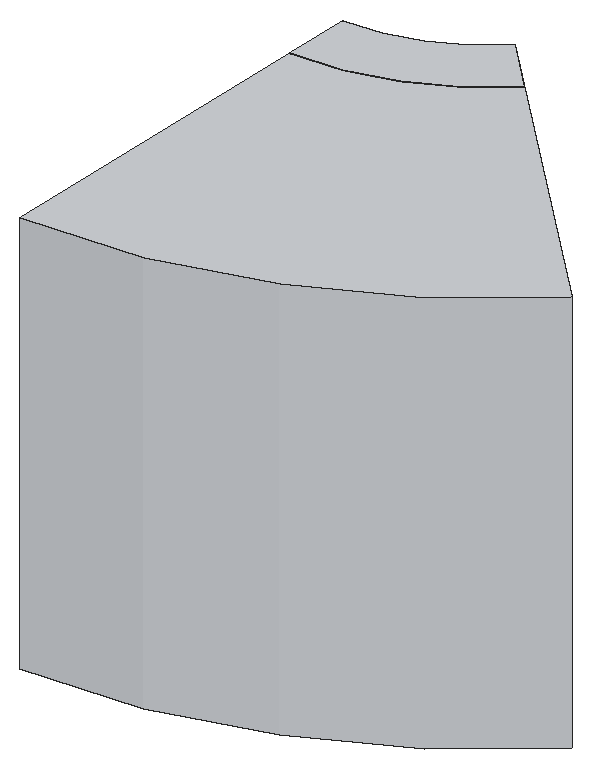
Revit family "5a307b923792497da0d2e97f9b9640eb", category Duct Fittings, Revit 2021
Family settings
  Round Connector Dimension = Use Diameter
  Part Type = Elbow
  OmniClass Number = 23.75.70.14
  OmniClass Title = Air Ductwork
  Seek Item ID = Rectangular Elbow - Mitered - Splitter Vanes-0000-USA-ENU
  Work Plane-Based = No
  Always vertical = Yes
  Cut with Voids When Loaded = No
  Shared = No
Parameters (values of type "1 Splitter Vanes")
  Throat Radius [instance] = Center Radius - 0.5 * Duct Width  # 5.4"
  Splitter Vane Width 3 [instance] = Splitter Vane Radius 3 - Throat Radius  # 8.43735"
  Splitter Vane Width 2 [instance] = Splitter Vane Radius 2 - Throat Radius  # 4.71191"
  Splitter Vane Width 1 [instance] = Splitter Vane Radius 1 - Throat Radius  # 1.98947"
  Splitter Vane Radius 3 [instance] = Throat Radius / (Curve Ratio * Curve Ratio * Curve Ratio)  # 13.83735"
  Splitter Vane Radius 1 [instance] = Throat Radius / Curve Ratio  # 7.38947"
  Splitter Vane Radius 2 [instance] = Throat Radius / (Curve Ratio * Curve Ratio)  # 10.11191"
  Splitter Vane 3 [instance] = no
  Splitter Vane 2 [instance] = no
  Splitter Vane 1 [instance] = yes
  Length 3 [instance] = (Center Radius - Length 1 / 2) * cos(Angle / 2)  # 8.35093"
  Length 2 [instance] = (Center Radius - Length 1 / 2) * sin(Angle / 2)  # 3.45907"
  Duct Width [instance] = 12"
  Radius Ratio [instance] = 0.95
  Length 1 [instance] = Center Radius * tan(Angle / 2)  # 4.72203"
  Duct Height [instance] = 12"
  Default Elevation = 0' - 0"
  Curve Ratio [instance] = Radius Ratio / 1.3  # 0.73077
  Center Radius 3 [instance] = Throat Radius + Splitter Vane Width 3 / 2  # 9.61868"
  Center Radius 2 [instance] = Throat Radius + Splitter Vane Width 2 / 2  # 7.75596"
  Center Radius 1 [instance] = Throat Radius + Splitter Vane Width 1 / 2  # 6.39474"
  Center Radius [instance] = Radius Ratio * Duct Width  # 11.4"
  Assembly Code = ""
  Angle 1 [instance] = Angle / 2  # 22.50°
  Angle [instance] = 45.00°
Types (3): name | Throat Radius | Splitter Vane Width 3 | Splitter Vane Width 2 | Splitter Vane Width 1 | Splitter Vane Radius 3 | Splitter Vane Radius 1 | Splitter Vane Radius 2 | Splitter Vane 3 | Splitter Vane 2 | Length 3 | Length 2 | Radius Ratio | Length 1 | Curve Ratio | Center Radius 3 | Center Radius 2 | Center Radius 1 | Center Radius
  3 Splitter Vanes | 6" | 7.182" | 4.14" | 1.8" | 13.182" | 7.8" | 10.14" | yes | yes | 8.79045" | 3.64113" | 1 | 4.97056" | 0.76923 | 9.591" | 8.07" | 6.9" | 12"
  2 Splitter Vanes | 6" | 7.182" | 4.14" | 1.8" | 13.182" | 7.8" | 10.14" | no | yes | 8.79045" | 3.64113" | 1 | 4.97056" | 0.76923 | 9.591" | 8.07" | 6.9" | 12"
  1 Splitter Vanes | 5.4" | 8.43735" | 4.71191" | 1.98947" | 13.83735" | 7.38947" | 10.11191" | no | no | 8.35093" | 3.45907" | 0.95 | 4.72203" | 0.73077 | 9.61868" | 7.75596" | 6.39474" | 11.4"
Reference planes (in)
  plane 1 "Center (Front/Back)": y = 0
  plane 2: z = 0
  plane 3 "Center (Left/Right)": x = 0
  plane 4: y = 11.4
  plane 5: x = -4.72203
  plane 6: x = -1.26297
  plane 7: y = 3.04907
Forms (in)
  Sweep 1, solid, detail levels medium+fine
    path in 3D
      loop
        arc (-4.72203, 0, 0) -> (-0.35944, 0.86777, 0) -> (3.33898, 3.33898, 0) r 11.4
    profile "Duct - Rectangular : Duct - Rectangular" origin (-0.35944, 0.86777, 0) x (-0.382683, 0.92388, 0) y (0, 0, 1)
      loop
        line (-6, 6) -> (-6, -6) -> (6, -6) -> (6, 6) -> (-6, 6)
  Sweep 2, solid, visible <- "Splitter Vane 1", detail levels medium+fine
    path in 3D
      loop
        arc (-4.72203, 5.00526, 0) -> (-2.27487, 5.49203, 0) -> (-0.20027, 6.87824, 0) r 6.39474
    profile "Duct - Rectangular : Duct - Splitter Vane 1" origin (-2.27487, 5.49203, 0) x (-0.382683, 0.92388, 0) y (0, 0, 1)
      loop
        line (-0.99474, 6) -> (-0.99474, -6) -> (0.99474, -6) -> (0.99474, 6) -> (-0.99474, 6)
  Sweep 3, solid, visible <- "Splitter Vane 2", detail levels medium+fine
    path in 3D
      loop
        arc (-4.72203, 3.64404, 0) -> (-1.75396, 4.23443, 0) -> (0.76225, 5.91571, 0) r 7.75596
    profile "Duct - Rectangular : Duct - Splitter Vane 2" origin (-1.75396, 4.23443, 0) x (-0.382683, 0.92388, 0) y (0, 0, 1)
      loop
        line (-2.35596, 6) -> (-2.35596, -6) -> (2.35596, -6) -> (2.35596, 6) -> (-2.35596, 6)
  Sweep 4, solid, visible <- "Splitter Vane 3", detail levels medium+fine
    path in 3D
      loop
        arc (-4.72203, 1.78132, 0) -> (-1.04113, 2.5135, 0) -> (2.0794, 4.59857, 0) r 9.61868
    profile "Duct - Rectangular : Duct - Splitter Vane 3" origin (-1.04113, 2.5135, 0) x (-0.382683, 0.92388, 0) y (0, 0, 1)
      loop
        line (-4.21868, 6) -> (-4.21868, -6) -> (4.21868, -6) -> (4.21868, 6) -> (-4.21868, 6)
Lines and regions (in)
  reference lines
    curve 1: line (-4.72203, 0, 0) -> (0, 0, 0)
    curve 2: line (0, 0, 0) -> (3.33898, 3.33898, 0)
    curve 3: arc (-4.72203, 0, 0) -> (-0.35944, 0.86777, 0) -> (3.33898, 3.33898, 0) r 11.4
    curve 4: line (-4.72203, 11.4, 0) -> (3.33898, 3.33898, 0)
    curve 7: line (-4.72203, 11.4, 0) -> (-4.72203, 0, 0)
  sketch lines
    curve 5: arc (-4.72203, 0, 0) -> (-0.35944, 0.86777, 0) -> (3.33898, 3.33898, 0) r 11.4
    curve 9: arc (-4.72203, 5.00526, 0) -> (-2.27487, 5.49203, 0) -> (-0.20027, 6.87824, 0) r 6.39474
    curve 11: arc (-4.72203, 3.64404, 0) -> (-1.75396, 4.23443, 0) -> (0.76225, 5.91571, 0) r 7.75596
    curve 13: arc (-4.72203, 1.78132, 0) -> (-1.04113, 2.5135, 0) -> (2.0794, 4.59857, 0) r 9.61868
  model lines, style "DuctFitting", detail levels coarse
    curve 6: arc (-4.72203, 0, 0) -> (-0.35944, 0.86777, 0) -> (3.33898, 3.33898, 0) r 11.4
  model lines, not visible
    curve 8: arc (-4.72203, 5.00526, 0) -> (-2.27487, 5.49203, 0) -> (-0.20027, 6.87824, 0) r 6.39474
    curve 10: arc (-4.72203, 3.64404, 0) -> (-1.75396, 4.23443, 0) -> (0.76225, 5.91571, 0) r 7.75596
    curve 12: arc (-4.72203, 1.78132, 0) -> (-1.04113, 2.5135, 0) -> (2.0794, 4.59857, 0) r 9.61868
  model lines, detail levels coarse
    curve 14: line (-1.26297, 3.04907, 0) -> (0.54408, -1.31352, 0)
Dimensions and locks (in)
  "Length 1": plane 5 to plane 3 "Center (Left/Right)"
  "Center Radius": plane 1 "Center (Front/Back)" to plane 4
  "Length 2": plane 5 to plane 6
  "Length 3": plane 7 to plane 4
  "Length 1": curve 14 to curve 14
  "Center Radius 1": radius of curve 8
  "Center Radius 2": radius of curve 10
  "Center Radius 3": radius of curve 12
  "Angle": angle curve 7 to curve 4
  "Angle": angle curve 6 to curve 6
  "Angle": angle curve 8 to curve 8
  "Angle": angle curve 10 to curve 10
  "Angle": angle curve 12 to curve 12
  "Angle 1": angle plane 5 to curve 14
  aligned and locked: plane 1 "Center (Front/Back)" to curve 1
  aligned and locked: plane 3 "Center (Left/Right)" to curve 1
  aligned and locked: plane 5 to curve 1
  aligned and locked: plane 4 to curve 3
  aligned and locked: plane 5 to curve 3
  aligned and locked: connector elem to curve 6
  aligned and locked: plane 4 to curve 6
  aligned and locked: plane 5 to curve 6  (x2)
  aligned and locked: curve 7 to plane 5
  aligned and locked: plane 4 to curve 7
  aligned and locked: plane 4 to curve 8
  aligned and locked: plane 5 to curve 8  (x2)
  aligned and locked: plane 5 to curve 10  (x2)
  aligned and locked: plane 4 to curve 10
  aligned and locked: plane 4 to curve 12
  aligned and locked: plane 5 to curve 12  (x2)
  aligned and locked: plane 7 to curve 14
  aligned and locked: plane 6 to curve 14
Connectors (in)
  hvac at (-4.72203, 0, 0), driven by "Duct Height", driven by "Duct Width", driven by "Angle"
    settings: on Sweep 1, index 1, duct flow 0 CFM, flow factor 0, pres drop 0.00 in-wg, loss coef 0, conn angle 45.00°, conn width 12", conn height 12", conn diameter 24", duct sys type 28, conn prof type 1, flow config 0, flow direction 0, loss method 0, conn ref index 2, conn util no, is conn primary yes, conn desc ""
  hvac at (3.33898, 3.33898, 0), driven by "Angle", driven by "Duct Height", driven by "Duct Width"
    settings: on Sweep 1, index 2, duct flow 0 CFM, flow factor 0, pres drop 0.00 in-wg, loss coef 0, conn angle 45.00°, conn width 12", conn height 12", conn diameter 24", duct sys type 28, conn prof type 1, flow config 0, flow direction 0, loss method 0, conn ref index 1, conn util no, is conn primary no, conn desc ""
